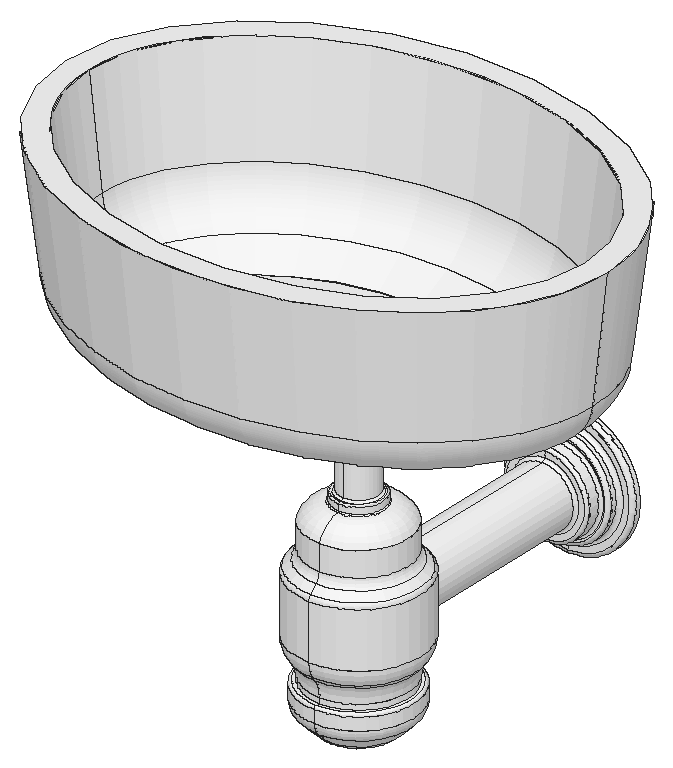
Revit family "O19021001_Lavamanos San Lorenzo Petit para Incrustar Blanco", category Plumbing Fixtures, Revit 2019
Family settings
  Round Connector Dimension = Use Diameter
  Part Type = Normal
  OmniClass Number = 23.31.13.11
  OmniClass Title = Single Sinks
  Work Plane-Based = No
  Always vertical = Yes
  Cut with Voids When Loaded = No
  Shared = No
  Room Calculation Point = No
Parameters
  Uso = "Residencial"  # constant formula
  Tipo de lavamanos = "Para incrustar"  # constant formula
  Tipo de instalación = "A pared"  # constant formula
  Tipo de desagüe = "Expuesto"  # constant formula
  Tecnologías = "CoverGloss, Aquaflow"  # constant formula
  Resistencia = "Alta resistencia al rayado y cambios de temperatura"  # constant formula
  Profundidad del pozo = "18.5 cm"  # constant formula
  Productos compatibles = "Grifería monocontrol media, grifería 8 pulgadas"  # constant formula
  No incluye = "Grifería"  # constant formula
  Materiales = "Porcelana sanitaria"  # constant formula
  Material = Corona_Porcelana_Sanitaria_Blanco
  Línea = "San Lorenzo Petit"  # constant formula
  Largo = "33.5 cm"  # constant formula
  Incluye = "Tapón de rebose cromado."  # constant formula
  Garantía = "Garantía completa para siempre en la porcelana"  # constant formula
  Forma = "Ovalado"  # constant formula
  Fecha de creación = "03/08/2020"  # constant formula
  Diámetro del desagüe = "44 mm"  # constant formula
  Dimensión del pozo = "38.5"  # constant formula
  Creado por = "IDD"  # constant formula
  Colección = "Lavamanos 2000"  # constant formula
  Ancho = "43.3 cm"  # constant formula
  Alto = "22 cm"  # constant formula
  Acabado = "Brillante"  # constant formula
Reference planes
  plane 1 "Center (Front/Back)": y = 0
  plane 2: z = 0
  plane 3 "Center (Left/Right)": x = 0
Forms (mm)
  Revolve 1, solid, material "Corona_Porcelana_Sanitaria_Blanco", detail levels medium+fine
    sketch origin (0, 0, 1.25) x (0, 1, 0) y (0, 0, 1)
      loop
        line (-239.604, -250.827) -> (-241.449, -250.827)
        arc (-241.449, -250.827) -> (-242.162, -251.122) -> (-242.456, -251.834) r 1.007
        line (-242.456, -251.834) -> (-242.456, -257.08)
        arc (-242.456, -257.08) -> (-242.731, -257.771) -> (-243.405, -258.085) r 1.006
        arc (-243.405, -258.085) -> (-255.282, -262.354) -> (-262.935, -272.389) r 22.286
        line (-262.935, -272.389) -> (-262.935, -292.829)
        arc (-262.935, -292.829) -> (-263.773, -297.042) -> (-266.16, -300.614) r 11.01
        line (-266.16, -300.614) -> (-271.915, -306.369)
        arc (-271.915, -306.369) -> (-273.119, -308.171) -> (-273.542, -310.297) r 5.555
        line (-273.542, -310.297) -> (-273.542, -355.878)
        arc (-273.542, -355.878) -> (-272.497, -362.666) -> (-269.459, -368.826) r 22.575
        line (-269.459, -368.826) -> (-267.557, -371.543)
        arc (-267.557, -371.543) -> (-264.118, -378.516) -> (-262.935, -386.201) r 25.556
        line (-262.935, -386.201) -> (-262.935, -390.685) -> (-265.746, -390.685)
        arc (-265.746, -390.685) -> (-267.294, -391.326) -> (-267.935, -392.873) r 2.189
        line (-267.935, -392.873) -> (-267.935, -403.399)
        arc (-267.935, -403.399) -> (-266.909, -408.557) -> (-263.988, -412.93) r 13.479
        line (-263.988, -412.93) -> (-254.395, -422.523)
        arc (-254.395, -422.523) -> (-245.896, -428.201) -> (-235.871, -430.195) r 26.196
        line (-235.871, -430.195) -> (-222.456, -430.195) -> (-222.456, -142.3) -> (-254.455, -142.3) -> (-254.455, -162.034)
        arc (-254.455, -162.034) -> (-253.84, -165.125) -> (-252.089, -167.745) r 8.076
        line (-252.089, -167.745) -> (-244.79, -175.044)
        arc (-244.79, -175.044) -> (-239.782, -182.539) -> (-238.024, -191.379) r 23.101
        line (-238.024, -191.379) -> (-238.024, -249.247)
        arc (-238.024, -249.247) -> (-238.487, -250.364) -> (-239.604, -250.827) r 1.581
      axis (-222.456, -142.3) -> (-222.456, -430.195)
    angle from 0 to 360
  Revolve 2, solid, material "Corona_Porcelana_Sanitaria_Blanco", detail levels medium+fine
    sketch origin (0, 0, 0) x (0, 1, 0) y (0, 0, 1)
      loop
        line (0, -337.102) -> (0, -282.953) -> (-3.39, -282.953)
        arc (-3.39, -282.953) -> (-5.65, -283.889) -> (-6.586, -286.149) r 3.196
        line (-6.586, -286.149) -> (-6.586, -291.658)
        arc (-6.586, -291.658) -> (-7.541, -293.965) -> (-9.848, -294.92) r 3.261
        line (-9.848, -294.92) -> (-13.454, -294.92)
        arc (-13.454, -294.92) -> (-15.669, -295.837) -> (-16.586, -298.052) r 3.132
        line (-16.586, -298.052) -> (-16.586, -299.771)
        arc (-16.586, -299.771) -> (-17.269, -301.42) -> (-18.917, -302.102) r 2.331
        line (-18.917, -302.102) -> (-27.62, -302.102)
        arc (-27.62, -302.102) -> (-29.303, -302.799) -> (-30, -304.482) r 2.38
        line (-30, -304.482) -> (-30, -309.515)
        arc (-30, -309.515) -> (-30.758, -311.344) -> (-32.587, -312.102) r 2.587
        line (-32.587, -312.102) -> (-185, -312.102) -> (-185, -337.102) -> (0, -337.102)
      axis (0, -337.102) -> (-185, -337.102)
    angle from 0 to 360
  Sweep 3, solid, material "Corona_Porcelana_Sanitaria_Blanco", detail levels medium+fine
    path origin (0, 0, 0) x (1, 0, 0) y (0, 1, 0)
      loop
        spline (-258.501, -245) -> (-249.693, -298.058) -> (-223.868, -347.5) -> (-182.788, -389.957) -> (-129.25, -422.535) -> (-66.905, -443.015) -> (0, -450) -> (66.905, -443.015) -> (129.25, -422.535) -> (182.788, -389.957) -> (223.868, -347.5) -> (249.693, -298.058) -> (258.501, -245)
        spline (258.501, -245) -> (249.693, -191.942) -> (223.868, -142.5) -> (182.788, -100.043) -> (129.25, -67.465) -> (66.905, -46.985) -> (0, -40) -> (-66.905, -46.985) -> (-129.25, -67.465) -> (-182.788, -100.043) -> (-223.868, -142.5) -> (-249.693, -191.942) -> (-258.501, -245)
    profile origin (0, -40, 0) x (0, 1, 0) y (0, 0, 1)
      loop
        line (-34.657, 0) -> (-53.618, 0) -> (-64.377, -87.623)
        arc (-64.377, -87.623) -> (-72.798, -109.85) -> (-90.531, -125.677) r 50
        line (-90.531, -125.677) -> (-118.921, -140.773) -> (-118.921, -160.773) -> (-68.276, -133.844)
        arc (-68.276, -133.844) -> (-54.089, -121.182) -> (-47.353, -103.401) r 40
        line (-47.353, -103.401) -> (-34.657, 0)
  Extrusion 4, solid, material "Corona_Porcelana_Sanitaria_Blanco", detail levels medium+fine
    sketch origin (0, 0, 0) x (1, 0, 0) y (0, 1, 0)
      loop
        spline (-139.58, -245) -> (-137.029, -259.995) -> (-127.725, -277.509) -> (-108.895, -296.779) -> (-79.743, -314.408) -> (-42.186, -326.69) -> (0, -331.079) -> (42.186, -326.69) -> (79.743, -314.408) -> (108.895, -296.779) -> (127.725, -277.509) -> (137.029, -259.995) -> (139.58, -245)
        spline (139.58, -245) -> (137.029, -230.005) -> (127.725, -212.491) -> (108.895, -193.221) -> (79.743, -175.592) -> (42.186, -163.31) -> (0, -158.921) -> (-42.186, -163.31) -> (-79.743, -175.592) -> (-108.895, -193.221) -> (-127.725, -212.491) -> (-137.029, -230.005) -> (-139.58, -245)
    from -160.773 to -140.773
  Extrusion 5, solid, material "Corona_Porcelana_Sanitaria_Blanco", detail levels medium+fine
    sketch origin (0, 0, 0) x (1, 0, 0) y (0, 1, 0)
      loop
        circle (0, -245) r 10
      loop
        circle (0, -245) r 12.027
    from -142.3 to -137.468
  Extrusion 6, solid, material "Corona_Porcelana_Sanitaria_Blanco", detail levels medium+fine
    sketch origin (0, 0, 0) x (1, 0, 0) y (0, 1, 0)
      loop
        circle (0, -245) r 20
    from -137.468 to -135.361
  Extrusion 7, solid, material "Corona_Porcelana_Sanitaria_Blanco", detail levels coarse
    sketch origin (0, 0, 0) x (1, 0, 0) y (0, 0, 1)
      loop
        line (-316.215, 20) -> (-316.215, -430.234) -> (316.858, -430.234) -> (316.858, 20) -> (-316.215, 20)
    from 0 to 449.038
Cuts and joins
  joined: Extrusion 4, Extrusion 5, Extrusion 6
Dimensions and locks
  aligned and locked: level to plane 2
Nested families
  nested 1: "Family1" at (0, 0, 0) x (0, -1, 0) z (1, 0, 0), type "Family1"
  nested 2: "Family2" at (0, 0, 0) x (1, 0, 0) z (0, -1, 0), type "Family2"
  nested 3: "Family3" at (0, 0, 0), type "Family3"
Definition of nested family "Family1"
  Reference planes
    plane 1 "Center (Front/Back)": y = 0
    plane 2: z = 0
    plane 3 "Center (Left/Right)": x = 0
Definition of nested family "Family2"
  Reference planes
    plane 1 "Center (Front/Back)": y = 0
    plane 2: z = 0
    plane 3 "Center (Left/Right)": x = 0
Definition of nested family "Family3"
  Reference planes
    plane 1 "Center (Front/Back)": y = 0
    plane 2: z = 0
    plane 3 "Center (Left/Right)": x = 0
